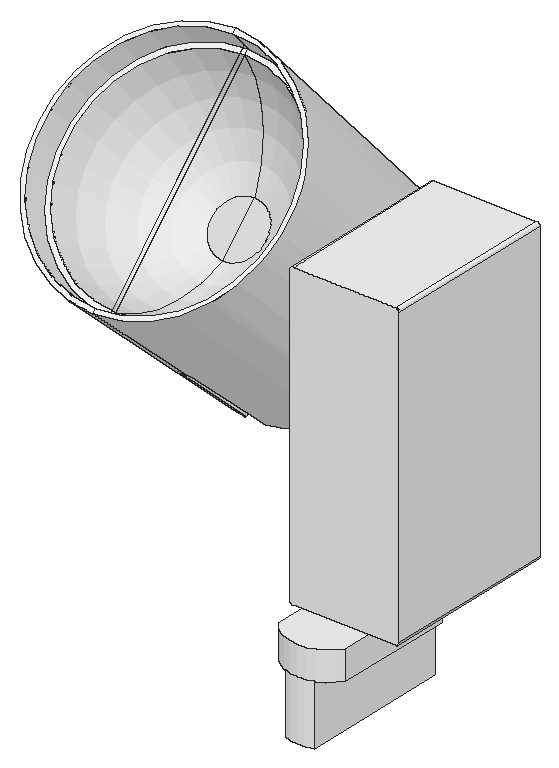
Revit family "0004870 Feilo Sylvania Lighting Fixture START TRACK SPOT L 55W 3K RA90 WB WHITE", category Lighting Fixtures, host Face, Revit 2017 (continued)
Definition of nested family "Start Track Spot Head"
  Types (96, lengths in mm): name | Wattage | built-in parameter 1150134 | Photometric Web File | Model | built-in parameter 1150105 | Lumens | built-in parameter 1150107 | built-in parameter 1150106 | HeadThickness_FEILO | HeadRibOffset_FEILO | HeadRibDepth_FEILO | HeadRibCutWidth_FEILO | HeadRibCutOffset_FEILO | HeadReflectorRadius_FEILO | HeadReflectorOffset_FEILO | HeadLEDRadius_FEILO | HeadHeight_FEILO | HeadDiffusorOffset_FEILO | HeadDiaOut_FEILO | HeadDiaIn_FEILO | HeadAxisFromTop_FEILO | Emit from Circle Diameter | built-in parameter 1150104 | Description | Apparent Load
    0004812 START TRACK SPOT S 14W 3K RA80 MB WHITE | 14 W | (empty or 0) | "0004812.ies" | "START TRACK SPOT S 14W 3K RA80 MB WHITE" | 120.32 (stored number, unit not read) | 1512 lm | 3000 (stored number, unit not read) | 1.2032 (stored number, unit not read) | 1.5 | 4.179 | 55.714 | 7.167 | 50.87 | 50.588 | 55.714 | 9.556 | 117 | 9.435 | 86 | 77.477 | 69.354 | 77.477 | 10.034 (stored number, unit not read) | "Integrated LED spotlight, Textured White - RAL9016, compact and minimalist design, ideal for retail applications, die-cast aluminium body, passive cooling heatsink. Beam angle: 36°, color temperature: 3000K , total system power: 14W, total fixture output: 1508 lm, LOR: 100%, colour rendering: Ra: 80 typical, LED Chromaticity: 3 step MacAdam ellipse, lifetime: >50000 hours at L70B50, energy class: A++, A+, A, IR/UV free light source without heat radiation, operating voltage: 220-240V / 50-60Hz, drive current: 350mA, electronic driver, non-dimmable, power factor: 0.92, electrical protection: Class II, Global Track 3 Phase adapter suitable for Global trac 3-circuit tracks, ingress protection rating: IP20, suitable for internal environment only, horizontal rotation: 355°, vertical tilt: 90°, dimensions: Ø86x140x200, weight: 0.940kg." | 14 VA
    0004811 START TRACK SPOT S 14W 3K RA80 NB WHITE | 14 W | (empty or 0) | "0004811.ies" | "START TRACK SPOT S 14W 3K RA80 NB WHITE" | 123.66 (stored number, unit not read) | 1554 lm | 3000 (stored number, unit not read) | 1.2366 (stored number, unit not read) | 1.5 | 4.179 | 55.714 | 7.167 | 50.87 | 50.588 | 55.714 | 9.556 | 117 | 9.435 | 86 | 77.477 | 69.354 | 77.477 | 10.312 (stored number, unit not read) | "Integrated LED spotlight, Textured White - RAL9016, compact and minimalist design, ideal for retail applications, die-cast aluminium body, passive cooling heatsink. Beam angle: 12°, color temperature: 3000K , total system power: 14W, total fixture output: 1551 lm, LOR: 100%, colour rendering: Ra: 80 typical, LED Chromaticity: 3 step MacAdam ellipse, lifetime: >50000 hours at L70B50, energy class: A++, A+, A, IR/UV free light source without heat radiation, operating voltage: 220-240V / 50-60Hz, drive current: 350mA, electronic driver, non-dimmable, power factor: 0.92, electrical protection: Class II, Global Track 3 Phase adapter suitable for Global trac 3-circuit tracks, ingress protection rating: IP20, suitable for internal environment only, horizontal rotation: 355°, vertical tilt: 90°, dimensions: Ø86x140x200, weight: 0.940kg." | 14 VA
  Reference planes
    plane 1 "Center (Front/Back)": y = 0
    plane 2: z = 0
    plane 3 "Center (Left/Right)": x = 0
    plane 4: x = 43
    plane 5: x = -43
    plane 6: x = -38.739
    plane 7: x = 38.739
    plane 8: z = 69.354
    plane 9: z = -47.646
    plane 10: x = -41.5
    plane 11: x = -37.239
    plane 12: z = -38.211
    plane 13: z = -35.211
    plane 14: z = 8.068
    plane 15: x = -9.556
    plane 16: x = -28.667
    plane 17: x = -19.111
    plane 18: x = -27.167
    plane 19: x = -17.611
    plane 20: x = -8.056
    plane 21: z = 13.64
    plane 22: x = -29.667
    plane 23: x = -26.167
    plane 24: x = -20.111
    plane 25: x = -16.611
    plane 26: x = -10.556
    plane 27: x = -7.056
    plane 28: x = -36.239
    plane 29: x = -40.5
    plane 30: z = 65.175
    plane 31: z = 60.997
    plane 32: z = 56.818
    plane 33: z = 18.484
    plane 34: y = -43
    plane 35: y = 43
    plane 36: y = 3.583
    plane 37: y = -3.583
    plane 38: y = -2.583
    plane 39: y = 2.583
    plane 40: y = 46
    plane 41: z = 13.5
    plane 42: z = -13.5
    plane 43: y = 39
    plane 44: x = 4.708
    plane 45: x = -2.458
    plane 46: x = -1.458
    plane 47: x = 1.458
  Forms (mm)
    Extrusion 1, solid
      sketch origin (4.2, 0, 0) x (1, 0, 0) y (0, 1, 0)
        loop
          line (-1219.2, 1219.2) -> (-1219.2, -1219.2) -> (1219.2, -1219.2) -> (1219.2, 1219.2) -> (-1219.2, 1219.2)
      from 0 to -68.017
    Revolve 2, solid, material <- "Material_1_FEILO", detail levels medium+fine
      sketch origin (0, 0, 0) x (1, 0, 0) y (0, 0, 1)
        loop
          line (-43, -47.646) -> (-41.5, -47.646) -> (-40.5, -35.211) -> (-38.739, -35.211)
          arc (-38.739, -35.211) -> (-30.16, -9.517) -> (-9.556, 8.068) r 50.588
          line (-9.556, 8.068) -> (0, 8.068) -> (0, 13.64) -> (-16.611, 13.64) -> (-17.611, 60.997) -> (-19.111, 60.997) -> (-20.111, 13.64) -> (-36.239, 13.64) -> (-37.239, 69.354) -> (-38.739, 69.354) -> (-43, -47.646)
        axis (0, 69.354) -> (0, -47.646)
      angle from 360 to 0
    Extrusion 3, void
      sketch origin (0, 0, 0) x (0, 1, 0) y (0, 0, 1)
        loop
          line (-3.583, 69.354) -> (-2.583, 18.484) -> (1.932, 18.484) -> (2.932, 69.354) -> (-3.583, 69.354)
      from 43 to -43
    Revolve 4, solid, material <- "Material_2_FEILO", detail levels medium+fine
      sketch origin (0, 0, 0) x (1, 0, 0) y (0, 0, 1)
        loop
          line (-41.5, -38.211) -> (0, -38.211) -> (0, -35.211) -> (-41.5, -35.211) -> (-41.5, -38.211)
        axis (0, -35.211) -> (0, -38.211)
      angle from 360 to 0
    Revolve 5, solid, material <- "Material_1_FEILO"
      sketch origin (0, 0, 0) x (0, 1, 0) y (0, 0, 1)
        loop
          line (46, 0) -> (39, 0) -> (39, -13.5) -> (46, -13.5) -> (46, 0)
        axis (39, 0) -> (46, 0)
      angle from 360 to 0
    Revolve 6, solid, material <- "Material_1_FEILO", detail levels medium+fine
      sketch origin (0, 0, 0) x (1, 0, 0) y (0, 0, 1)
        loop
          line (-29.667, 13.64) -> (-26.167, 13.64) -> (-27.167, 65.175) -> (-28.667, 65.175) -> (-29.667, 13.64)
        loop
          line (-10.556, 13.64) -> (-7.056, 13.64) -> (-7.833, 56.818) -> (-9.778, 56.818) -> (-10.556, 13.64)
        axis (0, 65.175) -> (0, 13.64)
      angle from 360 to 0
    Extrusion 7, void
      sketch origin (0, 0, 0) x (1, 0, 0) y (0, 0, 1)
        loop
          line (4.708, 69.354) -> (-2.458, 69.354) -> (-1.458, 13.64) -> (1.458, 13.64) -> (4.708, 69.354)
      from -43 to 43
    Revolve 8, solid, material <- "Material_1_FEILO", detail levels coarse
      sketch origin (0, 0, 0) x (1, 0, 0) y (0, 0, 1)
        loop
          line (0, 69.354) -> (-38.739, 69.354) -> (-43, -47.646) -> (-41.5, -47.646) -> (-40.731, -38.211) -> (0, -38.211) -> (0, 69.354)
        axis (0, 69.354) -> (0, -47.646)
      angle from 360 to 0
  Cuts and joins
    Extrusion 3 cuts Revolve 2
    Extrusion 7 cuts Revolve 6
  Dimensions and locks
    equal spacing: plane 7, plane 3 "Center (Left/Right)", plane 6
    equal spacing: plane 4, plane 3 "Center (Left/Right)", plane 5
    "HeadDiaOut_FEILO": plane 4 to plane 5
    "HeadDiaIn_FEILO": plane 7 to plane 6
    "HeadHeight_FEILO": plane 8 to plane 9
    "HeadThickness_FEILO": plane 10 to plane 5
    "HeadThickness_FEILO": plane 11 to plane 6
    "HeadDiffusorOffset_FEILO": plane 12 to plane 9
    "HeadDiffusorThickness_FEILO": plane 13 to plane 12
    "HeadReflectorOffset_FEILO": plane 14 to plane 9
    "HeadLEDRadius_FEILO": plane 3 "Center (Left/Right)" to plane 15
    "HeadLEDRadius_FEILO": plane 15 to plane 17
    "HeadLEDRadius_FEILO": plane 17 to plane 16
    "HeadThickness_FEILO": plane 18 to plane 16
    "HeadThickness_FEILO": plane 19 to plane 17
    "HeadThickness_FEILO": plane 20 to plane 15
    "HeadRibDepth_FEILO": plane 8 to plane 21
    "HeadDraft_FEILO": plane 16 to plane 22
    "HeadDraft_FEILO": plane 23 to plane 18
    "HeadDraft_FEILO": plane 17 to plane 24
    "HeadDraft_FEILO": plane 25 to plane 19
    "HeadDraft_FEILO": plane 15 to plane 26
    "HeadDraft_FEILO": plane 27 to plane 20
    "HeadDraft_FEILO": plane 29 to plane 10
    "HeadDraft_FEILO": plane 28 to plane 11
    "HeadRibOffset_FEILO": plane 8 to plane 30
    "HeadRibOffset_FEILO": plane 30 to plane 31
    "HeadRibOffset_FEILO": plane 31 to plane 32
    "HeadAxisFromTop_FEILO": plane 8 to plane 2
    "HeadRibCutOffset_FEILO": plane 8 to plane 33
    equal spacing: plane 34, plane 1 "Center (Front/Back)", plane 35
    "HeadDiaOut_FEILO": plane 34 to plane 35
    equal spacing: plane 38, plane 1 "Center (Front/Back)", plane 39
    equal spacing: plane 37, plane 1 "Center (Front/Back)", plane 36
    "HeadRibCutWidth_FEILO": plane 37 to plane 36
    "HeadDraft_FEILO": plane 37 to plane 38
    locked: plane 35 to plane 40 at 3
    equal spacing: plane 41, plane 2, plane 42
    locked: plane 42 to plane 41 at 27
    locked: plane 43 to plane 35 at 4
    equal spacing: plane 45, imposter light, plane 44
    "HeadDraft_FEILO": plane 46 to plane 45
    "HeadRibCutWidth_FEILO": plane 44 to plane 45
    equal spacing: plane 47, plane 3 "Center (Left/Right)", plane 46
    "HeadReflectorRadius_FEILO": radius of Revolve 2 sketch curve
    aligned and locked: plane 2 to Extrusion 1
    aligned and locked: level to Extrusion 1
    aligned and locked: Revolve 2 sketch curve to plane 3 "Center (Left/Right)"  (x2)
    aligned and locked: plane 9 to Revolve 2 sketch curve  (x2)
    aligned and locked: plane 5 to Revolve 2 sketch curve
    aligned and locked: plane 10 to Revolve 2 sketch curve
    aligned and locked: plane 14 to Revolve 2 sketch curve
    aligned and locked: plane 8 to Revolve 2 sketch curve
    aligned and locked: Revolve 2 sketch curve to plane 13
    aligned and locked: plane 12 to Revolve 4 sketch curve
    aligned and locked: plane 3 "Center (Left/Right)" to Revolve 4 sketch curve
    aligned and locked: Revolve 4 sketch curve to plane 10
    aligned and locked: Revolve 4 sketch curve to plane 3 "Center (Left/Right)"
    aligned and locked: plane 12 to imposter light
    aligned and locked: imposter light to plane 1 "Center (Front/Back)"
    aligned and locked: Revolve 5 sketch curve to plane 2
    aligned and locked: plane 43 to Revolve 5 sketch curve
    aligned and locked: plane 42 to Revolve 5 sketch curve
    aligned and locked: Revolve 6 sketch curve to plane 3 "Center (Left/Right)"
    aligned and locked: plane 22 to Revolve 6 sketch curve
    aligned and locked: plane 30 to Revolve 6 sketch curve
    aligned and locked: plane 23 to Revolve 6 sketch curve
    aligned and locked: Revolve 6 sketch curve to plane 21  (x2)
    aligned and locked: plane 21 to Revolve 6 sketch curve
    aligned and locked: plane 17 to Revolve 2 sketch curve
    aligned and locked: plane 19 to Revolve 2 sketch curve
    aligned and locked: plane 31 to Revolve 2 sketch curve
    aligned and locked: plane 21 to Revolve 2 sketch curve
    aligned and locked: Extrusion 3 to plane 8
    aligned and locked: plane 33 to Extrusion 3
    aligned and locked: plane 8 to Extrusion 3 sketch curve
    aligned and locked: Extrusion 3 sketch curve to plane 33
    aligned and locked: Extrusion 3 to plane 5
    aligned and locked: plane 4 to Extrusion 3
    aligned and locked: plane 32 to Revolve 6 sketch curve
    aligned and locked: plane 44 to Extrusion 7 sketch curve
    aligned and locked: Extrusion 7 sketch curve to plane 8
    aligned and locked: plane 46 to Extrusion 7 sketch curve
    aligned and locked: plane 21 to Extrusion 7 sketch curve
    aligned and locked: plane 34 to Extrusion 7
    aligned and locked: Extrusion 7 to plane 35
    aligned and locked: Revolve 4 sketch curve to plane 13
    aligned and locked: Revolve 5 sketch curve to plane 40
    aligned and locked: Revolve 8 sketch curve to plane 3 "Center (Left/Right)"
    aligned and locked: Revolve 8 sketch curve to cut or joined group of Revolve 2, Extrusion 3  (x3)
    aligned and locked: plane 5 to Revolve 8 sketch curve
    aligned and locked: plane 3 "Center (Left/Right)" to Revolve 8 sketch curve
    aligned and locked: plane 12 to Revolve 8 sketch curve
  Automatic sketch dimensions
    Extrusion 1 sketch curve to Extrusion 1 sketch curve = 2438.4 mm  (x2)
    Extrusion 3 sketch curve to plane 37 = 0 mm
    Extrusion 3 sketch curve to plane 38 = 0 mm
    plane 39 to Extrusion 3 sketch curve = 0.651 mm
    Extrusion 3 sketch curve to plane 39 = 0.349 mm
    Revolve 6 sketch curve to plane 16 = 0 mm
    Revolve 6 sketch curve to plane 18 = 0 mm
    Revolve 6 sketch curve to plane 26 = 0 mm
    Revolve 6 sketch curve to plane 27 = 0 mm
    Revolve 6 sketch curve to plane 15 = 0.222 mm
    plane 9 to Revolve 6 sketch curve = 559.103 mm
    Revolve 6 sketch curve to plane 8 = 2535.555 mm
    plane 20 to Revolve 6 sketch curve = 0.222 mm
    Revolve 2 sketch curve to plane 29 = 0 mm
    Revolve 2 sketch curve to plane 6 = 0 mm  (x2)
    Revolve 2 sketch curve to plane 11 = 0 mm
    Revolve 2 sketch curve to plane 21 = 0 mm
    Revolve 2 sketch curve to plane 28 = 0 mm
    Revolve 2 sketch curve to plane 24 = 0 mm
    Revolve 2 sketch curve to plane 25 = 0 mm
    Revolve 2 sketch curve to plane 15 = 0 mm
    Revolve 2 sketch curve to Revolve 2 sketch curve = 557.155 mm
    Revolve 2 sketch curve to plane 8 = 2535.558 mm
    Extrusion 7 sketch curve to plane 45 = 0 mm
    Extrusion 7 sketch curve to plane 47 = 0 mm
    plane 9 to Revolve 4 sketch curve = 559.103 mm
    Revolve 4 sketch curve to plane 8 = 2535.555 mm
    Revolve 5 sketch curve to level = 0 mm
    plane 34 to Revolve 5 sketch curve = 1968.092 mm
    Revolve 5 sketch curve to plane 40 = 1405.763 mm
    Revolve 8 sketch curve to plane 6 = 0 mm
    Revolve 8 sketch curve to plane 29 = 0.231 mm
    plane 9 to Revolve 8 sketch curve = 559.103 mm
    Revolve 8 sketch curve to Revolve 8 sketch curve = 2535.555 mm
Definition of nested family "Start Track Spot Box"
  Parameters (values of type "Type Large White")
    URL = "http://www.feilosylvania.com"
    Type Image = (empty or 0)
    Type Comments = "n/a"
    Small_FEILO = no
    Material_3_FEILO = none
    Model = ""
    Manufacturer = "Feilo Sylvania"
    Keynote = ""
    Material_2_FEILO = none
    Description = ""
    Default Elevation = 1219.2 mm
    Cost = 0
    Material_1_FEILO = none
    BoxWidth_FEILO = 49 mm
    BoxStartAngle_FEILO [instance] = 0.00°
    BoxRadius_FEILO = 1.5 mm
    BoxHeight_FEILO = if(Small_FEILO, 112 mm, 136 mm)  # 136 mm
    BoxEndAngle_FEILO [instance] = BoxStartAngle_FEILO - 180.00°  # -180.00°
    BoxDepth_FEILO = if(Small_FEILO, 71.5 mm, 79 mm)  # 79 mm
    BoxAxisVerticalOffset_FEILO = 16 mm
    BoxAxisOffset_FEILO = BoxHeight_FEILO / 6.8  # 20 mm
    Assembly Code = ""
    Material_4_FEILO = none
  Types (4, lengths in mm): name | Small_FEILO | BoxHeight_FEILO | BoxDepth_FEILO | BoxAxisOffset_FEILO
    Type Large White | no | 136 | 79 | 20
    Type Small White | yes | 112 | 71.5 | 16.471
    Type Small Black | yes | 112 | 71.5 | 16.471
    Type Large Black | no | 136 | 79 | 20
  Reference planes
    plane 1 "Center (Front/Back)": y = 0
    plane 2: z = 0
    plane 3 "Center (Left/Right)": x = 0
    plane 4: x = 24.5
    plane 5: x = -24.5
    plane 6: y = 68
    plane 7: y = -68
    plane 8: z = 39.5
    plane 9: z = -39.5
    plane 10: y = -48
    plane 11: x = 30.5
    plane 12: x = 8.5
    plane 13: x = 21.5
    plane 14: y = 70
    plane 15: y = 72
    plane 16: x = 19.5
  Forms (mm)
    Extrusion 1, solid
      sketch origin (4.2, 0, 0) x (1, 0, 0) y (0, 1, 0)
        loop
          line (-1219.2, 1219.2) -> (-1219.2, -1219.2) -> (1219.2, -1219.2) -> (1219.2, 1219.2) -> (-1219.2, 1219.2)
      from 0 to -68.017
    Extrusion 2, solid, material <- "Material_1_FEILO"
      sketch origin (0, 0, 0) x (1, 0, 0) y (0, 1, 0)
        loop
          arc (-23, 68) -> (-24.061, 67.561) -> (-24.5, 66.5) r 1.5
          line (-24.5, 66.5) -> (-24.5, -66.5)
          arc (-24.5, -66.5) -> (-24.061, -67.561) -> (-23, -68) r 1.5
          line (-23, -68) -> (23, -68)
          arc (23, -68) -> (24.061, -67.561) -> (24.5, -66.5) r 1.5
          line (24.5, -66.5) -> (24.5, 66.5)
          arc (24.5, 66.5) -> (24.061, 67.561) -> (23, 68) r 1.5
          line (23, 68) -> (-23, 68)
      from -39.5 to 39.5
    Revolve 3, solid, not visible
      sketch origin (0, 0, 0) x (1, 0, 0) y (0, 1, 0)
        loop
          line (30.5, -48) -> (24.5, -48) -> (24.5, -68) -> (30.5, -68) -> (30.5, -48)
        axis (30.5, -48) -> (24.5, -48)
      angle from 0 <- "BoxStartAngle_FEILO" to -180 <- "BoxEndAngle_FEILO"
    Revolve 4, solid, material <- "Material_2_FEILO"
      sketch origin (0, 0, 0) x (1, 0, 0) y (0, 1, 0)
        loop
          line (8.5, 68) -> (19.5, 68) -> (19.5, 70) -> (21.5, 70) -> (21.5, 72) -> (8.5, 72) -> (8.5, 68)
        axis (8.5, 72) -> (8.5, 68)
      angle from 360 to 0
  Dimensions and locks
    equal spacing: plane 5, plane 3 "Center (Left/Right)", plane 4
    "BoxWidth_FEILO": plane 5 to plane 4
    equal spacing: plane 7, plane 1 "Center (Front/Back)", plane 6
    "BoxHeight_FEILO": plane 7 to plane 6
    equal spacing: plane 8, plane 2, plane 9
    "BoxDepth_FEILO": plane 8 to plane 9
    "BoxAxisOffset_FEILO": plane 7 to plane 10
    locked: plane 4 to plane 11 at 6
    "BoxAxisVerticalOffset_FEILO": plane 12 to plane 4
    locked: plane 12 to plane 13 at 13
    plane 6 to plane 14 to plane 15 = 2 mm locked, 2 mm locked
    locked: plane 12 to plane 16 at 11
    "BoxRadius_FEILO": radius of Extrusion 2 sketch curve  (x4)
    aligned and locked: plane 2 to Extrusion 1
    aligned and locked: level to Extrusion 1
    aligned and locked: plane 6 to Extrusion 2 sketch curve
    aligned and locked: plane 5 to Extrusion 2 sketch curve
    aligned and locked: Extrusion 2 sketch curve to plane 7
    aligned and locked: Extrusion 2 sketch curve to plane 4
    aligned and locked: Extrusion 2 to plane 8
    aligned and locked: plane 9 to Extrusion 2
    aligned and locked: Revolve 3 sketch curve to plane 10  (x2)
    aligned and locked: plane 11 to Revolve 3 sketch curve
    aligned and locked: Revolve 3 sketch curve to plane 4
    aligned and locked: plane 7 to Revolve 3 sketch curve
    aligned and locked: Revolve 4 sketch curve to plane 12
    aligned and locked: plane 6 to Revolve 4 sketch curve
    aligned and locked: plane 12 to Revolve 4 sketch curve
    aligned and locked: plane 15 to Revolve 4 sketch curve
    aligned and locked: Revolve 4 sketch curve to plane 13
    aligned and locked: Revolve 4 sketch curve to plane 14
    aligned and locked: Revolve 4 sketch curve to plane 16
    aligned and locked: Revolve 4 sketch curve to plane 6
  Automatic sketch dimensions
    Extrusion 1 sketch curve to Extrusion 1 sketch curve = 2438.4 mm  (x2)
    Revolve 3 sketch curve to plane 5 = 1499.5 mm
    plane 11 to Revolve 3 sketch curve = 1493.5 mm
    plane 15 to Revolve 4 sketch curve = 0 mm
    plane 7 to Revolve 4 sketch curve = 1456 mm
    Revolve 4 sketch curve to plane 15 = 1452 mm
